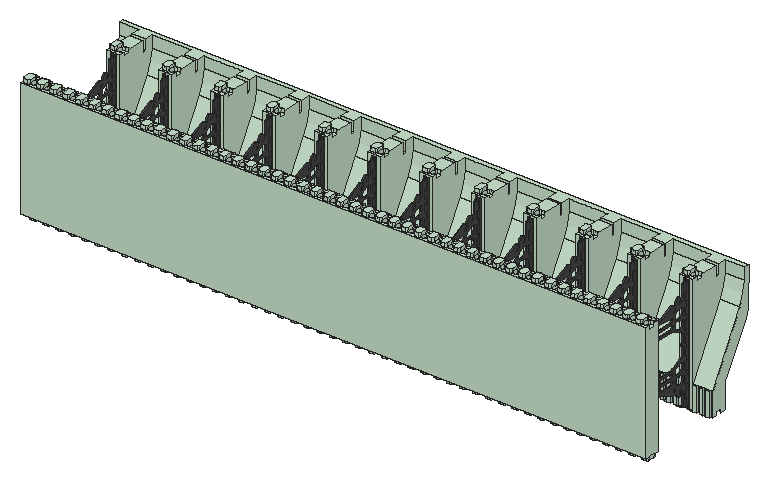
Revit family (continued)
Forms (in)
  Extrusion 166, solid, material "NUDURA Expanded Polystyrene Foam Insulation"
    sketch origin (0, 0, 0) x (0, 1, 0) y (0, 0, 1)
      loop
        line (7.625, 16.5) -> (7.625, 18) -> (3.25, 18) -> (3.25, 3.625) -> (8.425, 13)
        arc (8.425, 13) -> (9.05432, 14.58521) -> (9.425, 16.25) r 10.75
        line (9.425, 16.25) -> (9.425, 18)
    from 59 to 61
  Extrusion 167, solid, material "NUDURA Expanded Polystyrene Foam Insulation"
    sketch origin (0, 0, 0) x (0, 1, 0) y (0, 0, 1)
      loop
        line (9.425, 18) -> (8.125, 18) -> (8.125, 16.5)
        arc (8.125, 16.5) -> (7.875, 16.25) -> (7.625, 16.5) r 0.25
        line (7.625, 16.5) -> (7.625, 18) -> (3.25, 18) -> (3.25, 3.625) -> (8.425, 13)
        arc (8.425, 13) -> (9.05432, 14.58521) -> (9.425, 16.25) r 10.75
        line (9.425, 16.25) -> (9.425, 18)
    from 67 to 69
  Extrusion 168, solid, material "NUDURA Expanded Polystyrene Foam Insulation"
    sketch origin (0, 0, 0) x (0, 1, 0) y (0, 0, 1)
      loop
        line (9.425, 18) -> (8.125, 18) -> (8.125, 16.5)
        arc (8.125, 16.5) -> (7.875, 16.25) -> (7.625, 16.5) r 0.25
        line (7.625, 16.5) -> (7.625, 18) -> (3.25, 18) -> (3.25, 3.625) -> (8.425, 13)
        arc (8.425, 13) -> (9.05432, 14.58521) -> (9.425, 16.25) r 10.75
        line (9.425, 16.25) -> (9.425, 18)
    from 75 to 77
  Extrusion 169, solid, material "NUDURA Expanded Polystyrene Foam Insulation"
    sketch origin (0, 0, 0) x (0, 1, 0) y (0, 0, 1)
      loop
        line (9.425, 18) -> (8.125, 18) -> (8.125, 16.5)
        arc (8.125, 16.5) -> (7.875, 16.25) -> (7.625, 16.5) r 0.25
        line (7.625, 16.5) -> (7.625, 18) -> (3.25, 18) -> (3.25, 3.625) -> (8.425, 13)
        arc (8.425, 13) -> (9.05432, 14.58521) -> (9.425, 16.25) r 10.75
        line (9.425, 16.25) -> (9.425, 18)
    from 83 to 85
  Extrusion 170, solid, material "NUDURA Expanded Polystyrene Foam Insulation"
    sketch origin (0, 0, 0) x (0, 1, 0) y (0, 0, 1)
      loop
        line (9.425, 18) -> (8.125, 18) -> (8.125, 16.5)
        arc (8.125, 16.5) -> (7.875, 16.25) -> (7.625, 16.5) r 0.25
        line (7.625, 16.5) -> (7.625, 18) -> (3.25, 18) -> (3.25, 3.625) -> (8.425, 13)
        arc (8.425, 13) -> (9.05432, 14.58521) -> (9.425, 16.25) r 10.75
        line (9.425, 16.25) -> (9.425, 18)
    from 91 to 93
  Extrusion 171, solid, material "NUDURA Expanded Polystyrene Foam Insulation"
    sketch origin (0, 0, 0) x (1, 0, 0) y (0, 1, 0)
      loop
        line (95.21883, 3) -> (95.78117, 3) -> (95.71883, 3.25) -> (95.28117, 3.25) -> (95.21883, 3)
      loop
        line (94.21883, 3) -> (94.78117, 3) -> (94.71883, 3.25) -> (94.28117, 3.25) -> (94.21883, 3)
      loop
        line (93.21883, 3) -> (93.78117, 3) -> (93.71883, 3.25) -> (93.28117, 3.25) -> (93.21883, 3)
      loop
        line (90.21883, 3) -> (90.78117, 3) -> (90.71883, 3.25) -> (90.28117, 3.25) -> (90.21883, 3)
      loop
        line (89.21883, 3) -> (89.78117, 3) -> (89.71883, 3.25) -> (89.28117, 3.25) -> (89.21883, 3)
      loop
        line (88.21883, 3) -> (88.78117, 3) -> (88.71883, 3.25) -> (88.28117, 3.25) -> (88.21883, 3)
      loop
        line (87.21883, 3) -> (87.78117, 3) -> (87.71883, 3.25) -> (87.28117, 3.25) -> (87.21883, 3)
      loop
        line (86.21883, 3) -> (86.78117, 3) -> (86.71883, 3.25) -> (86.28117, 3.25) -> (86.21883, 3)
      loop
        line (85.21883, 3) -> (85.78117, 3) -> (85.71883, 3.25) -> (85.28117, 3.25) -> (85.21883, 3)
      loop
        line (82.21883, 3) -> (82.78117, 3) -> (82.71883, 3.25) -> (82.28117, 3.25) -> (82.21883, 3)
      loop
        line (81.21883, 3) -> (81.78117, 3) -> (81.71883, 3.25) -> (81.28117, 3.25) -> (81.21883, 3)
      loop
        line (80.21883, 3) -> (80.78117, 3) -> (80.71883, 3.25) -> (80.28117, 3.25) -> (80.21883, 3)
      loop
        line (79.21883, 3) -> (79.78117, 3) -> (79.71883, 3.25) -> (79.28117, 3.25) -> (79.21883, 3)
      loop
        line (78.21883, 3) -> (78.78117, 3) -> (78.71883, 3.25) -> (78.28117, 3.25) -> (78.21883, 3)
      loop
        line (77.21883, 3) -> (77.78117, 3) -> (77.71883, 3.25) -> (77.28117, 3.25) -> (77.21883, 3)
      loop
        line (74.21883, 3) -> (74.78117, 3) -> (74.71883, 3.25) -> (74.28117, 3.25) -> (74.21883, 3)
      loop
        line (73.21883, 3) -> (73.78117, 3) -> (73.71883, 3.25) -> (73.28117, 3.25) -> (73.21883, 3)
      loop
        line (72.21883, 3) -> (72.78117, 3) -> (72.71883, 3.25) -> (72.28117, 3.25) -> (72.21883, 3)
      loop
        line (71.21883, 3) -> (71.78117, 3) -> (71.71883, 3.25) -> (71.28117, 3.25) -> (71.21883, 3)
      loop
        line (70.21883, 3) -> (70.78117, 3) -> (70.71883, 3.25) -> (70.28117, 3.25) -> (70.21883, 3)
      loop
        line (69.21883, 3) -> (69.78117, 3) -> (69.71883, 3.25) -> (69.28117, 3.25) -> (69.21883, 3)
      loop
        line (66.21883, 3) -> (66.78117, 3) -> (66.71883, 3.25) -> (66.28117, 3.25) -> (66.21883, 3)
      loop
        line (65.21883, 3) -> (65.78117, 3) -> (65.71883, 3.25) -> (65.28117, 3.25) -> (65.21883, 3)
      loop
        line (64.21883, 3) -> (64.78117, 3) -> (64.71883, 3.25) -> (64.28117, 3.25) -> (64.21883, 3)
      loop
        line (63.21883, 3) -> (63.78117, 3) -> (63.71883, 3.25) -> (63.28117, 3.25) -> (63.21883, 3)
      loop
        line (62.21883, 3) -> (62.78117, 3) -> (62.71883, 3.25) -> (62.28117, 3.25) -> (62.21883, 3)
      loop
        line (61.21883, 3) -> (61.78117, 3) -> (61.71883, 3.25) -> (61.28117, 3.25) -> (61.21883, 3)
      loop
        line (58.21883, 3) -> (58.78117, 3) -> (58.71883, 3.25) -> (58.28117, 3.25) -> (58.21883, 3)
      loop
        line (57.21883, 3) -> (57.78117, 3) -> (57.71883, 3.25) -> (57.28117, 3.25) -> (57.21883, 3)
      loop
        line (56.21883, 3) -> (56.78117, 3) -> (56.71883, 3.25) -> (56.28117, 3.25) -> (56.21883, 3)
      loop
        line (55.21883, 3) -> (55.78117, 3) -> (55.71883, 3.25) -> (55.28117, 3.25) -> (55.21883, 3)
      loop
        line (54.21883, 3) -> (54.78117, 3) -> (54.71883, 3.25) -> (54.28117, 3.25) -> (54.21883, 3)
      loop
        line (53.21883, 3) -> (53.78117, 3) -> (53.71883, 3.25) -> (53.28117, 3.25) -> (53.21883, 3)
      loop
        line (50.21883, 3) -> (50.78117, 3) -> (50.71883, 3.25) -> (50.28117, 3.25) -> (50.21883, 3)
      loop
        line (49.21883, 3) -> (49.78117, 3) -> (49.71883, 3.25) -> (49.28117, 3.25) -> (49.21883, 3)
      loop
        line (48.21883, 3) -> (48.78117, 3) -> (48.71883, 3.25) -> (48.28117, 3.25) -> (48.21883, 3)
      loop
        line (47.21883, 3) -> (47.78117, 3) -> (47.71883, 3.25) -> (47.28117, 3.25) -> (47.21883, 3)
      loop
        line (46.21883, 3) -> (46.78117, 3) -> (46.71883, 3.25) -> (46.28117, 3.25) -> (46.21883, 3)
      loop
        line (45.21883, 3) -> (45.78117, 3) -> (45.71883, 3.25) -> (45.28117, 3.25) -> (45.21883, 3)
      loop
        line (42.21883, 3) -> (42.78117, 3) -> (42.71883, 3.25) -> (42.28117, 3.25) -> (42.21883, 3)
      loop
        line (41.21883, 3) -> (41.78117, 3) -> (41.71883, 3.25) -> (41.28117, 3.25) -> (41.21883, 3)
      loop
        line (40.21883, 3) -> (40.78117, 3) -> (40.71883, 3.25) -> (40.28117, 3.25) -> (40.21883, 3)
      loop
        line (39.21883, 3) -> (39.78117, 3) -> (39.71883, 3.25) -> (39.28117, 3.25) -> (39.21883, 3)
      loop
        line (38.21883, 3) -> (38.78117, 3) -> (38.71883, 3.25) -> (38.28117, 3.25) -> (38.21883, 3)
      loop
        line (37.21883, 3) -> (37.78117, 3) -> (37.71883, 3.25) -> (37.28117, 3.25) -> (37.21883, 3)
      loop
        line (34.21883, 3) -> (34.78117, 3) -> (34.71883, 3.25) -> (34.28117, 3.25) -> (34.21883, 3)
      loop
        line (33.21883, 3) -> (33.78117, 3) -> (33.71883, 3.25) -> (33.28117, 3.25) -> (33.21883, 3)
      loop
        line (32.21883, 3) -> (32.78117, 3) -> (32.71883, 3.25) -> (32.28117, 3.25) -> (32.21883, 3)
      loop
        line (31.21883, 3) -> (31.78117, 3) -> (31.71883, 3.25) -> (31.28117, 3.25) -> (31.21883, 3)
      loop
        line (30.21883, 3) -> (30.78117, 3) -> (30.71883, 3.25) -> (30.28117, 3.25) -> (30.21883, 3)
      loop
        line (29.21883, 3) -> (29.78117, 3) -> (29.71883, 3.25) -> (29.28117, 3.25) -> (29.21883, 3)
      loop
        line (26.21883, 3) -> (26.78117, 3) -> (26.71883, 3.25) -> (26.28117, 3.25) -> (26.21883, 3)
      loop
        line (25.21883, 3) -> (25.78117, 3) -> (25.71883, 3.25) -> (25.28117, 3.25) -> (25.21883, 3)
      loop
        line (24.21883, 3) -> (24.78117, 3) -> (24.71883, 3.25) -> (24.28117, 3.25) -> (24.21883, 3)
      loop
        line (23.21883, 3) -> (23.78117, 3) -> (23.71883, 3.25) -> (23.28117, 3.25) -> (23.21883, 3)
      loop
        line (22.21883, 3) -> (22.78117, 3) -> (22.71883, 3.25) -> (22.28117, 3.25) -> (22.21883, 3)
      loop
        line (21.21883, 3) -> (21.78117, 3) -> (21.71883, 3.25) -> (21.28117, 3.25) -> (21.21883, 3)
      loop
        line (18.21883, 3) -> (18.78117, 3) -> (18.71883, 3.25) -> (18.28117, 3.25) -> (18.21883, 3)
      loop
        line (17.21883, 3) -> (17.78117, 3) -> (17.71883, 3.25) -> (17.28117, 3.25) -> (17.21883, 3)
      loop
        line (16.21883, 3) -> (16.78117, 3) -> (16.71883, 3.25) -> (16.28117, 3.25) -> (16.21883, 3)
      loop
        line (15.21883, 3) -> (15.78117, 3) -> (15.71883, 3.25) -> (15.28117, 3.25) -> (15.21883, 3)
      loop
        line (14.21883, 3) -> (14.78117, 3) -> (14.71883, 3.25) -> (14.28117, 3.25) -> (14.21883, 3)
      loop
        line (13.21883, 3) -> (13.78117, 3) -> (13.71883, 3.25) -> (13.28117, 3.25) -> (13.21883, 3)
      loop
        line (10.21883, 3) -> (10.78117, 3) -> (10.71883, 3.25) -> (10.28117, 3.25) -> (10.21883, 3)
      loop
        line (9.21883, 3) -> (9.78117, 3) -> (9.71883, 3.25) -> (9.28117, 3.25) -> (9.21883, 3)
      loop
        line (8.21883, 3) -> (8.78117, 3) -> (8.71883, 3.25) -> (8.28117, 3.25) -> (8.21883, 3)
      loop
        line (7.21883, 3) -> (7.78117, 3) -> (7.71883, 3.25) -> (7.28117, 3.25) -> (7.21883, 3)
      loop
        line (6.21883, 3) -> (6.78117, 3) -> (6.71883, 3.25) -> (6.28117, 3.25) -> (6.21883, 3)
      loop
        line (5.21883, 3) -> (5.78117, 3) -> (5.71883, 3.25) -> (5.28117, 3.25) -> (5.21883, 3)
      loop
        line (2.21883, 3) -> (2.78117, 3) -> (2.71883, 3.25) -> (2.28117, 3.25) -> (2.21883, 3)
      loop
        line (1.21883, 3) -> (1.78117, 3) -> (1.71883, 3.25) -> (1.28117, 3.25) -> (1.21883, 3)
      loop
        line (0.21883, 3) -> (0.78117, 3) -> (0.71883, 3.25) -> (0.28117, 3.25) -> (0.21883, 3)
    from 0 to 3.625
Cuts and joins
  Extrusion 2, Extrusion 3, Extrusion 4, Extrusion 5, Extrusion 6, Extrusion 7, Extrusion 8, Extrusion 9, Extrusion 10, Extrusion 11, Extrusion 12, Extrusion 13, Extrusion 14, Extrusion 15, Extrusion 16, Extrusion 17, Extrusion 18, Extrusion 19, Extrusion 20, Extrusion 21, Extrusion 22, Extrusion 23, Extrusion 24, Extrusion 25, Extrusion 26, Extrusion 27, Extrusion 28, Extrusion 29, Extrusion 30, Extrusion 31, Extrusion 32, Extrusion 33, Extrusion 34, Extrusion 35, Extrusion 36, Extrusion 37, Extrusion 38, Extrusion 39, Extrusion 40, Extrusion 41, Extrusion 42, Extrusion 43, Extrusion 44, Extrusion 45, Extrusion 46, Extrusion 47, Extrusion 48, Extrusion 49, Extrusion 50, Extrusion 51, Extrusion 52, Extrusion 53, Extrusion 54, Extrusion 55, Extrusion 56, Extrusion 57, Extrusion 58, Extrusion 59, Extrusion 60, Extrusion 61, Extrusion 62, Extrusion 63, Extrusion 64, Extrusion 65, Extrusion 66, Extrusion 67, Extrusion 68, Extrusion 69, Extrusion 70, Extrusion 71, Extrusion 72, Extrusion 73, Extrusion 74, Extrusion 75, Extrusion 76, Extrusion 77, Extrusion 78, Extrusion 79, Extrusion 80, Extrusion 81, Extrusion 82, Extrusion 83, Extrusion 84, Extrusion 85, Extrusion 86, Extrusion 87, Extrusion 88, Extrusion 89, Extrusion 90, Extrusion 91, Extrusion 92, Extrusion 93, Extrusion 94, Extrusion 95, Extrusion 96, Extrusion 97, Extrusion 98, Extrusion 99, Extrusion 100, Extrusion 101, Extrusion 102, Extrusion 103, Extrusion 104, Extrusion 105, Extrusion 106, Extrusion 107, Extrusion 108, Extrusion 109, Extrusion 110, Extrusion 111, Extrusion 112, Extrusion 113, Extrusion 114, Extrusion 115, Extrusion 116, Extrusion 117, Extrusion 118, Extrusion 119, Extrusion 120, Extrusion 121, Extrusion 122, Extrusion 123, Extrusion 124, Extrusion 125, Extrusion 126, Extrusion 127, Extrusion 128, Extrusion 129, Extrusion 130, Extrusion 131, Extrusion 132, Extrusion 133, Extrusion 134, Extrusion 135, Extrusion 136, Extrusion 137, Extrusion 138, Extrusion 139, Extrusion 140, Extrusion 141, Extrusion 142, Extrusion 143, Extrusion 144, Extrusion 145, Extrusion 146, Extrusion 147, Extrusion 148, Extrusion 149, Extrusion 150, Extrusion 151, Extrusion 152, Extrusion 153, Extrusion 154, Extrusion 155, Extrusion 156, Extrusion 157 cuts Extrusion 1
  Extrusion 110, Extrusion 111, Extrusion 112, Extrusion 113, Extrusion 114, Extrusion 115, Extrusion 116, Extrusion 117, Extrusion 118, Extrusion 119, Extrusion 120, Extrusion 121, Extrusion 122, Extrusion 123, Extrusion 124, Extrusion 125, Extrusion 126, Extrusion 127, Extrusion 128, Extrusion 129, Extrusion 130, Extrusion 131, Extrusion 132, Extrusion 133, Extrusion 134, Extrusion 135, Extrusion 136, Extrusion 137, Extrusion 138, Extrusion 139, Extrusion 140, Extrusion 141, Extrusion 142, Extrusion 143, Extrusion 144, Extrusion 145, Extrusion 146, Extrusion 147, Extrusion 148, Extrusion 149, Extrusion 150, Extrusion 151, Extrusion 152, Extrusion 153, Extrusion 154, Extrusion 155, Extrusion 156, Extrusion 157 cuts Extrusion 158
  Extrusion 61 cuts Extrusion 159
  Extrusion 60 cuts Extrusion 160
  Extrusion 59 cuts Extrusion 161
  Extrusion 58 cuts Extrusion 162
  Extrusion 57 cuts Extrusion 163
  Extrusion 56 cuts Extrusion 164
  Extrusion 55 cuts Extrusion 165
  Extrusion 54 cuts Extrusion 166
  Extrusion 53 cuts Extrusion 167
  Extrusion 52 cuts Extrusion 168
  Extrusion 51 cuts Extrusion 169
  Extrusion 50 cuts Extrusion 170
  joined: Extrusion 158, Extrusion 159, Extrusion 160, Extrusion 161, Extrusion 162, Extrusion 163, Extrusion 164, Extrusion 165, Extrusion 166, Extrusion 167, Extrusion 168, Extrusion 169, Extrusion 170, Extrusion 171
Lines and regions (in)
  model lines
    curve 1: line (8, -9.625, 18) -> (8, -9.625, 0)
Dimensions and locks (in)
  locked: plane 3 "Center (Left/Right)" to plane 4 at 96
  locked: plane 6 to plane 5 at 10
  locked: plane 5 to plane 7 at 2.625
  locked: plane 8 to plane 6 at 2.625
  locked: plane 9 to level at 18
  locked: plane 4 to plane 3 "Center (Left/Right)" at 96
  locked: plane 9 to plane 10 at 0.5
  locked: plane 11 to level at 0.5
  aligned and locked: plane 9 to Extrusion 1
  aligned and locked: Extrusion 1 to plane 3 "Center (Left/Right)"
  aligned and locked: plane 4 to Extrusion 1
  aligned and locked: level to Extrusion 1
  aligned and locked: nested 1 to plane 8
  aligned and locked: nested 116 to cut or joined group 1 (Extrusion 1, Extrusion 2, Extrusion 3, Extrusion 4, Extrusion 5, Extrusion 6, Extrusion 7, Extrusion 8, Extrusion 9, Extrusion 10, Extrusion 11, Extrusion 12, Extrusion 13, Extrusion 14, Extrusion 15, Extrusion 16, Extrusion 17, Extrusion 18, Extrusion 19, Extrusion 20, Extrusion 21, Extrusion 22, Extrusion 23, Extrusion 24, Extrusion 25, Extrusion 26, Extrusion 27, Extrusion 28, Extrusion 29, Extrusion 30, Extrusion 31, Extrusion 32, Extrusion 33, Extrusion 34, Extrusion 35, Extrusion 36, Extrusion 37, Extrusion 38, Extrusion 39, Extrusion 40, Extrusion 41, Extrusion 42, Extrusion 43, Extrusion 44, Extrusion 45, Extrusion 46, Extrusion 47, Extrusion 48, Extrusion 49, Extrusion 50, Extrusion 51, Extrusion 52, Extrusion 53, Extrusion 54, Extrusion 55, Extrusion 56, Extrusion 57, Extrusion 58, Extrusion 59, Extrusion 60, Extrusion 61, Extrusion 62, Extrusion 63, Extrusion 64, Extrusion 65, Extrusion 66, Extrusion 67, Extrusion 68, Extrusion 69, Extrusion 70, Extrusion 71, Extrusion 72, Extrusion 73, Extrusion 74, Extrusion 75, Extrusion 76, Extrusion 77, Extrusion 78, Extrusion 79, Extrusion 80, Extrusion 81, Extrusion 82, Extrusion 83, Extrusion 84, Extrusion 85, Extrusion 86, Extrusion 87, Extrusion 88, Extrusion 89, Extrusion 90, Extrusion 91, Extrusion 92, Extrusion 93, Extrusion 94, Extrusion 95, Extrusion 96, Extrusion 97, Extrusion 98, Extrusion 99, Extrusion 100, Extrusion 101, Extrusion 102, Extrusion 103, Extrusion 104, Extrusion 105, Extrusion 106, Extrusion 107, Extrusion 108, Extrusion 109, Extrusion 110, Extrusion 111, Extrusion 112, Extrusion 113, Extrusion 114, Extrusion 115, Extrusion 116, Extrusion 117, Extrusion 118, Extrusion 119, Extrusion 120, Extrusion 121, Extrusion 122, Extrusion 123, Extrusion 124, Extrusion 125, Extrusion 126, Extrusion 127, Extrusion 128, Extrusion 129, Extrusion 130, Extrusion 131, Extrusion 132, Extrusion 133, Extrusion 134, Extrusion 135, Extrusion 136, Extrusion 137, Extrusion 138, Extrusion 139, Extrusion 140, Extrusion 141, Extrusion 142, Extrusion 143, Extrusion 144, Extrusion 145, Extrusion 146, Extrusion 147, Extrusion 148, Extrusion 149, Extrusion 150, Extrusion 151, Extrusion 152, Extrusion 153, Extrusion 154, Extrusion 155, Extrusion 156, Extrusion 157)
  aligned and locked: cut or joined group 1 to cut or joined group 2 (Extrusion 50, Extrusion 51, Extrusion 52, Extrusion 53, Extrusion 54, Extrusion 55, Extrusion 56, Extrusion 57, Extrusion 58, Extrusion 59, Extrusion 60, Extrusion 61, Extrusion 110, Extrusion 111, Extrusion 112, Extrusion 113, Extrusion 114, Extrusion 115, Extrusion 116, Extrusion 117, Extrusion 118, Extrusion 119, Extrusion 120, Extrusion 121, Extrusion 122, Extrusion 123, Extrusion 124, Extrusion 125, Extrusion 126, Extrusion 127, Extrusion 128, Extrusion 129, Extrusion 130, Extrusion 131, Extrusion 132, Extrusion 133, Extrusion 134, Extrusion 135, Extrusion 136, Extrusion 137, Extrusion 138, Extrusion 139, Extrusion 140, Extrusion 141, Extrusion 142, Extrusion 143, Extrusion 144, Extrusion 145, Extrusion 146, Extrusion 147, Extrusion 148, Extrusion 149, Extrusion 150, Extrusion 151, Extrusion 152, Extrusion 153, Extrusion 154, Extrusion 155, Extrusion 156, Extrusion 157, Extrusion 158, Extrusion 159, Extrusion 160, Extrusion 161, Extrusion 162, Extrusion 163, Extrusion 164, Extrusion 165, Extrusion 166, Extrusion 167, Extrusion 168, Extrusion 169, Extrusion 170, Extrusion 171)
  aligned and locked: cut or joined group 2 to nested 266
  aligned and locked: cut or joined group 2 to nested 267
  aligned and locked: cut or joined group 1 to nested 264
  aligned and locked: cut or joined group 1 to nested 263
  aligned and locked: cut or joined group 1 to nested 262
  aligned and locked: nested 261 to cut or joined group 1
  aligned and locked: nested 2 to cut or joined group 1
  aligned and locked: nested 3 to cut or joined group 1
  aligned and locked: nested 4 to cut or joined group 1
  aligned and locked: nested 5 to cut or joined group 1
  aligned and locked: nested 6 to cut or joined group 1
  aligned and locked: nested 7 to cut or joined group 1
  aligned: nested 8 to cut or joined group 1
  aligned and locked: nested 8 to cut or joined group 1
Nested families (in)
  nested 1: "NUDURA Diamond Pattern" at (0, -4, 0), type "NUDURA Diamond Pattern"
  nested 2: "NUDURA Diamond Pattern" at (16, -4, 0), type "NUDURA Diamond Pattern"
  nested 3: "NUDURA Diamond Pattern" at (24, -4, 0), type "NUDURA Diamond Pattern"
  nested 4: "NUDURA Diamond Pattern" at (40, -4, 0), type "NUDURA Diamond Pattern"
  nested 5: "NUDURA Diamond Pattern" at (48, -4, 0), type "NUDURA Diamond Pattern"
  nested 6: "NUDURA Diamond Pattern" at (64, -4, 0), type "NUDURA Diamond Pattern"
  nested 7: "NUDURA Diamond Pattern" at (72, -4, 0), type "NUDURA Diamond Pattern"
  nested 8: "NUDURA Diamond Pattern" at (88, -4, 0), type "NUDURA Diamond Pattern"
  nested 9: "Interlock Tooth" at (0, -4, 0), type "Interlock Tooth"
  nested 10: "Interlock Tooth" at (2, -4, 0), type "Interlock Tooth"
  nested 11: "Interlock Tooth" at (4, -4, 0), type "Interlock Tooth"
  nested 12: "Interlock Tooth" at (6, -4, 0), type "Interlock Tooth"
  nested 13: "Interlock Tooth" at (8, -4, 0), type "Interlock Tooth"
  nested 14: "Interlock Tooth" at (10, -4, 0), type "Interlock Tooth"
  nested 15: "Interlock Tooth" at (12, -4, 0), type "Interlock Tooth"
  nested 16: "Interlock Tooth" at (14, -4, 0), type "Interlock Tooth"
  nested 17: "Interlock Tooth" at (16, -4, 0), type "Interlock Tooth"
  nested 18: "Interlock Tooth" at (18, -4, 0), type "Interlock Tooth"
  nested 19: "Interlock Tooth" at (20, -4, 0), type "Interlock Tooth"
  nested 20: "Interlock Tooth" at (22, -4, 0), type "Interlock Tooth"
  nested 21: "Interlock Tooth" at (24, -4, 0), type "Interlock Tooth"
  nested 22: "Interlock Tooth" at (26, -4, 0), type "Interlock Tooth"
  nested 23: "Interlock Tooth" at (28, -4, 0), type "Interlock Tooth"
  nested 24: "Interlock Tooth" at (30, -4, 0), type "Interlock Tooth"
  nested 25: "Interlock Tooth" at (32, -4, 0), type "Interlock Tooth"
  nested 26: "Interlock Tooth" at (34, -4, 0), type "Interlock Tooth"
  nested 27: "Interlock Tooth" at (36, -4, 0), type "Interlock Tooth"
  nested 28: "Interlock Tooth" at (38, -4, 0), type "Interlock Tooth"
  nested 29: "Interlock Tooth" at (40, -4, 0), type "Interlock Tooth"
  nested 30: "Interlock Tooth" at (42, -4, 0), type "Interlock Tooth"
  nested 31: "Interlock Tooth" at (44, -4, 0), type "Interlock Tooth"
  nested 32: "Interlock Tooth" at (46, -4, 0), type "Interlock Tooth"
  nested 33: "Interlock Tooth" at (48, -4, 0), type "Interlock Tooth"
  nested 34: "Interlock Tooth" at (50, -4, 0), type "Interlock Tooth"
  nested 35: "Interlock Tooth" at (52, -4, 0), type "Interlock Tooth"
  nested 36: "Interlock Tooth" at (54, -4, 0), type "Interlock Tooth"
  nested 37: "Interlock Tooth" at (56, -4, 0), type "Interlock Tooth"
  nested 38: "Interlock Tooth" at (58, -4, 0), type "Interlock Tooth"
  nested 39: "Interlock Tooth" at (60, -4, 0), type "Interlock Tooth"
  nested 40: "Interlock Tooth" at (62, -4, 0), type "Interlock Tooth"
  nested 41: "Interlock Tooth" at (64, -4, 0), type "Interlock Tooth"
  nested 42: "Interlock Tooth" at (66, -4, 0), type "Interlock Tooth"
  nested 43: "Interlock Tooth" at (68, -4, 0), type "Interlock Tooth"
  nested 44: "Interlock Tooth" at (70, -4, 0), type "Interlock Tooth"
  nested 45: "Interlock Tooth" at (72, -4, 0), type "Interlock Tooth"
  nested 46: "Interlock Tooth" at (74, -4, 0), type "Interlock Tooth"
  nested 47: "Interlock Tooth" at (76, -4, 0), type "Interlock Tooth"
  nested 48: "Interlock Tooth" at (78, -4, 0), type "Interlock Tooth"
  nested 49: "Interlock Tooth" at (80, -4, 0), type "Interlock Tooth"
  nested 50: "Interlock Tooth" at (82, -4, 0), type "Interlock Tooth"
  nested 51: "Interlock Tooth" at (84, -4, 0), type "Interlock Tooth"
  nested 52: "Interlock Tooth" at (86, -4, 0), type "Interlock Tooth"
  nested 53: "Interlock Tooth" at (88, -4, 0), type "Interlock Tooth"
  nested 54: "Interlock Tooth" at (90, -4, 0), type "Interlock Tooth"
  nested 55: "Interlock Tooth" at (92, -4, 0), type "Interlock Tooth"
  nested 56: "Interlock Tooth" at (94, -4, 0), type "Interlock Tooth"
  nested 57: "Interlock Tooth" at (3, 8.875, 0), type "Interlock Tooth"
  nested 58: "Interlock Tooth" at (11, 8.875, 0), type "Interlock Tooth"
  nested 59: "Interlock Tooth" at (19, 8.875, 0), type "Interlock Tooth"
  nested 60: "Interlock Tooth" at (27, 8.875, 0), type "Interlock Tooth"
  nested 61: "Interlock Tooth" at (35, 8.875, 0), type "Interlock Tooth"
  nested 62: "Interlock Tooth" at (43, 8.875, 0), type "Interlock Tooth"
  nested 63: "Interlock Tooth" at (51, 8.875, 0), type "Interlock Tooth"
  nested 64: "Interlock Tooth" at (59, 8.875, 0), type "Interlock Tooth"
  nested 65: "Interlock Tooth" at (67, 8.875, 0), type "Interlock Tooth"
  nested 66: "Interlock Tooth" at (75, 8.875, 0), type "Interlock Tooth"
  nested 67: "Interlock Tooth" at (83, 8.875, 0), type "Interlock Tooth"
  nested 68: "Interlock Tooth" at (91, 8.875, 0), type "Interlock Tooth"
  nested 69: "Interlock Tooth" at (1, -12.875, -18.5), type "Interlock Tooth"
  nested 70: "Interlock Tooth" at (3, -12.875, -18.5), type "Interlock Tooth"
  nested 71: "Interlock Tooth" at (5, -12.875, -18.5), type "Interlock Tooth"
  nested 72: "Interlock Tooth" at (7, -12.875, -18.5), type "Interlock Tooth"
  nested 73: "Interlock Tooth" at (9, -12.875, -18.5), type "Interlock Tooth"
  nested 74: "Interlock Tooth" at (11, -12.875, -18.5), type "Interlock Tooth"
  nested 75: "Interlock Tooth" at (13, -12.875, -18.5), type "Interlock Tooth"
  nested 76: "Interlock Tooth" at (15, -12.875, -18.5), type "Interlock Tooth"
  nested 77: "Interlock Tooth" at (17, -12.875, -18.5), type "Interlock Tooth"
  nested 78: "Interlock Tooth" at (19, -12.875, -18.5), type "Interlock Tooth"
